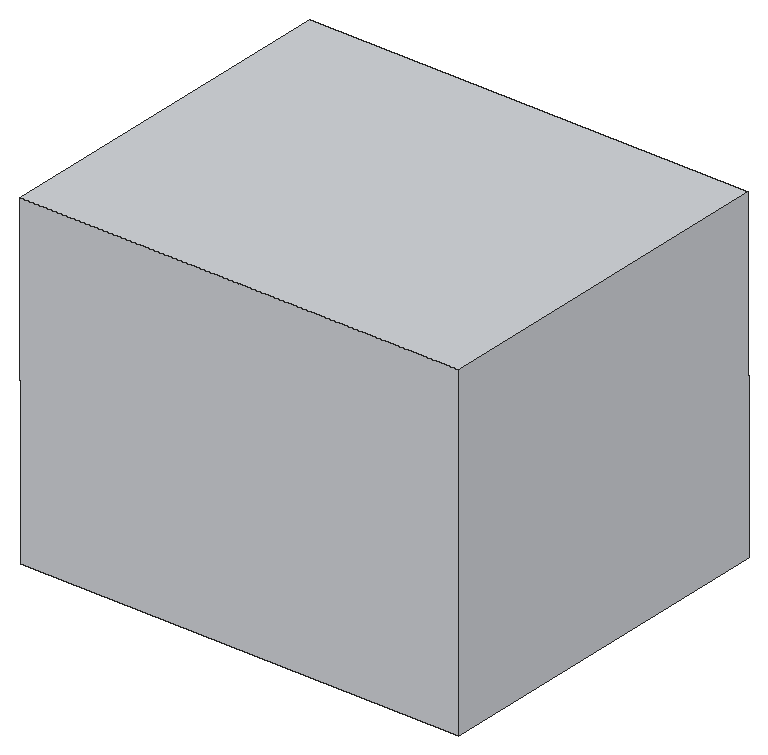
Revit family
Parameters
  Warranty Duration (Years) = 0
  Unit Width [instance] = 3' - 10"
  Unit Height [instance] = 0' - 0"
  Unit Depth = 0' - 0"
  URL = "http://www.americanspecialties.com/viewCategories.cfm"
  Trim Material = Metal - Stainless Steel
  Test Data = ""
  Specification = "http://www.arcat.com/sdspecs/htm/10810asi.htm"
  SpecWizard = ""
  Send Message = "http://www.arcat.com/users.pl?action=UserEmail&company=American%20Specialties,%20Inc.&coid=30448&rep=139&fax=914-476-0688&mf="
  Sales Information = "http://www.americanspecialties.com/contact"
  Revision = "R1_10-2010"
  Product Properties = "http://www.americanspecialties.com/datasheets/13071.pdf"
  Product Data = "http://www.arcat.com/arcatcos/cos30/arc30448.html"
  Model = "As Specified in 10 28 13"
  Manufacturer Website = "http://www.americanspecialties.com/viewCategories.cfm"
  Manufacturer Phone - Toll Free = ""
  Manufacturer Phone = "914-476-9000 "
  Manufacturer Fax = "914-476-0688"
  Manufacturer Address = "441 Saw Mill River Rd., Yonkers, NY 10701"
  Manufacturer = "American Specialties, Inc."
  Maintenance Schedule (Months) = 0
  Keynote = "10 28 13"
  Installation-Fabrication = "http://www.americanspecialties.com/products.cfm"
  HOOK [instance] = Unit Width / 0' 10"  # 5
  Green Building-LEED = ""
  Expected Lifespan (Years) = 0
  Drawn By = "Robert S. Weygant. CSI, CDT, SCIP"  # constant formula
  Description = "Toilet Accessory as Specified in 10 28 13"
  Default Elevation = 4' - 0"
  Copyright = "©Arcat Inc."
  Construction Details = "http://www.arcat.com/green/clients/leed_data_30448.html"
  Building Codes = "http://www.americanspecialties.com/products.cfm"
  Body Material = Metal - Stainless Steel
  Assembly Code = "C1030210"
Reference planes (in)
  plane 1 "Center (Front/Back)": y = -0.29112
  plane 2 "Floor Line": z = 0
  plane 3 "Center (Left/Right)": x = -0.65843
Forms (in)
  Extrusion 1, solid
    sketch origin (-3, -9, -6) x (0, 0, -1) y (1, 0, 0)
      loop
        line (-82, 70.90407) -> (-82, -30.68952) -> (-6, -30.68952) -> (-6, 70.90407) -> (-82, 70.90407)
    from 21.22862 to -62.75334
  Extrusion 2, solid, material "Metal - Stainless Steel" <- "Body Material"
    sketch origin (13.87847, 0, 0) x (0, 1, 0) y (0, 0, 1)
      loop
        line (1.70888, 0.5) -> (-2.29112, 0.5) -> (-2.29112, 0) -> (-2.22862, 0) -> (-2.22862, 0.4375) -> (1.64638, 0.4375) -> (1.64638, 0) -> (1.70888, 0) -> (1.70888, 0.5)
    from 31.4631 to -14.5369
  Extrusion 3, solid, material "Metal - Stainless Steel" <- "Body Material"
    sketch origin (-1.72093, -6.85117, 20.32125) x (0, -1, 0) y (0, 0, 1)
      loop
        line (-12.93505, -18.82102) -> (-11.32924, -18.82102) -> (-10.07896, -19.82125) -> (-5.08481, -19.82125)
        arc (-5.08481, -19.82125) -> (-3.99168, -19.48705) -> (-3.27232, -18.59873) r 1.95484
        arc (-3.27232, -18.59873) -> (-3.35658, -18.10216) -> (-3.64071, -17.6863) r 1.17688
        line (-3.64071, -17.6863) -> (-3.94, -17.63352)
        arc (-3.94, -17.63352) -> (-4.08481, -17.73492) -> (-3.98341, -17.87972) r 0.125
        line (-3.98341, -17.87972) -> (-3.7626, -17.91866)
        arc (-3.7626, -17.91866) -> (-3.58307, -18.20925) -> (-3.52099, -18.54513) r 0.92688
        arc (-3.52099, -18.54513) -> (-4.14966, -19.29166) -> (-5.08481, -19.57102) r 1.70484
        line (-5.08481, -19.57102) -> (-9.99154, -19.57102) -> (-11.24154, -18.57102) -> (-12.93505, -18.57102)
        arc (-12.93505, -18.57102) -> (-13.06005, -18.69602) -> (-12.93505, -18.82102) r 0.125
    from -3.625 to -4.5
  Extrusion 4, solid, material "Metal - Stainless Steel" <- "Trim Material"
    sketch origin (0, 0, 0) x (1, 0, 0) y (0, 1, 0)
      loop
        circle (-0.03343, -0.29112) r 0.21875
      loop
        circle (44.71657, -0.29112) r 0.21875
    from 0.51695 to 0.4375
  Extrusion 5, solid, material "Metal - Stainless Steel" <- "Trim Material"
    sketch origin (0, 0, 0) x (1, 0, 0) y (0, 1, 0)
      loop
        circle (14.95615, -0.29112) r 0.21875
      loop
        circle (29.72698, -0.29112) r 0.21875
    from 0.51695 to 0.4375
  Extrusion 6, solid, not visible
    sketch origin (0, 0, 0) x (1, 0, 0) y (0, 1, 0)
      loop
        circle (22.34157, -0.29112) r 0.21875
    from 0.4375 to 0.51695
  Extrusion 7, solid, material "Metal - Stainless Steel" <- "Trim Material"
    sketch origin (0, 0, 0) x (1, 0, 0) y (0, 1, 0)
      loop
        circle (2.34157, -0.57886) r 0.21875
      loop
        circle (2.34157, 1.42114) r 0.21875
    from 0.75022 to 0.5
  Extrusion 8, solid, material "Metal - Stainless Steel" <- "Body Material"
    sketch origin (8.27907, -6.85117, 20.32125) x (0, -1, 0) y (0, 0, 1)
      loop
        line (-12.93505, -18.82102) -> (-11.32924, -18.82102) -> (-10.07896, -19.82125) -> (-5.08481, -19.82125)
        arc (-5.08481, -19.82125) -> (-3.99168, -19.48705) -> (-3.27232, -18.59873) r 1.95484
        arc (-3.27232, -18.59873) -> (-3.35658, -18.10216) -> (-3.64071, -17.6863) r 1.17688
        line (-3.64071, -17.6863) -> (-3.94, -17.63352)
        arc (-3.94, -17.63352) -> (-4.08481, -17.73492) -> (-3.98341, -17.87972) r 0.125
        line (-3.98341, -17.87972) -> (-3.7626, -17.91866)
        arc (-3.7626, -17.91866) -> (-3.58307, -18.20925) -> (-3.52099, -18.54513) r 0.92688
        arc (-3.52099, -18.54513) -> (-4.14966, -19.29166) -> (-5.08481, -19.57102) r 1.70484
        line (-5.08481, -19.57102) -> (-9.99154, -19.57102) -> (-11.24154, -18.57102) -> (-12.93505, -18.57102)
        arc (-12.93505, -18.57102) -> (-13.06005, -18.69602) -> (-12.93505, -18.82102) r 0.125
    from -3.625 to -4.5
  Extrusion 9, solid, material "Metal - Stainless Steel" <- "Trim Material"
    sketch origin (10, 0, 0) x (1, 0, 0) y (0, 1, 0)
      loop
        circle (2.34157, -0.57886) r 0.21875
      loop
        circle (2.34157, 1.42114) r 0.21875
    from 0.75022 to 0.5
  Extrusion 10, solid, material "Metal - Stainless Steel" <- "Body Material"
    sketch origin (18.27907, -6.85117, 20.32125) x (0, -1, 0) y (0, 0, 1)
      loop
        line (-12.93505, -18.82102) -> (-11.32924, -18.82102) -> (-10.07896, -19.82125) -> (-5.08481, -19.82125)
        arc (-5.08481, -19.82125) -> (-3.99168, -19.48705) -> (-3.27232, -18.59873) r 1.95484
        arc (-3.27232, -18.59873) -> (-3.35658, -18.10216) -> (-3.64071, -17.6863) r 1.17688
        line (-3.64071, -17.6863) -> (-3.94, -17.63352)
        arc (-3.94, -17.63352) -> (-4.08481, -17.73492) -> (-3.98341, -17.87972) r 0.125
        line (-3.98341, -17.87972) -> (-3.7626, -17.91866)
        arc (-3.7626, -17.91866) -> (-3.58307, -18.20925) -> (-3.52099, -18.54513) r 0.92688
        arc (-3.52099, -18.54513) -> (-4.14966, -19.29166) -> (-5.08481, -19.57102) r 1.70484
        line (-5.08481, -19.57102) -> (-9.99154, -19.57102) -> (-11.24154, -18.57102) -> (-12.93505, -18.57102)
        arc (-12.93505, -18.57102) -> (-13.06005, -18.69602) -> (-12.93505, -18.82102) r 0.125
    from -3.625 to -4.5
  Extrusion 11, solid, material "Metal - Stainless Steel" <- "Trim Material"
    sketch origin (20, 0, 0) x (1, 0, 0) y (0, 1, 0)
      loop
        circle (2.34157, -0.57886) r 0.21875
      loop
        circle (2.34157, 1.42114) r 0.21875
    from 0.75022 to 0.5
  Extrusion 12, solid, material "Metal - Stainless Steel" <- "Body Material"
    sketch origin (28.27907, -6.85117, 20.32125) x (0, -1, 0) y (0, 0, 1)
      loop
        line (-12.93505, -18.82102) -> (-11.32924, -18.82102) -> (-10.07896, -19.82125) -> (-5.08481, -19.82125)
        arc (-5.08481, -19.82125) -> (-3.99168, -19.48705) -> (-3.27232, -18.59873) r 1.95484
        arc (-3.27232, -18.59873) -> (-3.35658, -18.10216) -> (-3.64071, -17.6863) r 1.17688
        line (-3.64071, -17.6863) -> (-3.94, -17.63352)
        arc (-3.94, -17.63352) -> (-4.08481, -17.73492) -> (-3.98341, -17.87972) r 0.125
        line (-3.98341, -17.87972) -> (-3.7626, -17.91866)
        arc (-3.7626, -17.91866) -> (-3.58307, -18.20925) -> (-3.52099, -18.54513) r 0.92688
        arc (-3.52099, -18.54513) -> (-4.14966, -19.29166) -> (-5.08481, -19.57102) r 1.70484
        line (-5.08481, -19.57102) -> (-9.99154, -19.57102) -> (-11.24154, -18.57102) -> (-12.93505, -18.57102)
        arc (-12.93505, -18.57102) -> (-13.06005, -18.69602) -> (-12.93505, -18.82102) r 0.125
    from -3.625 to -4.5
  Extrusion 13, solid, material "Metal - Stainless Steel" <- "Trim Material"
    sketch origin (30, 0, 0) x (1, 0, 0) y (0, 1, 0)
      loop
        circle (2.34157, -0.57886) r 0.21875
      loop
        circle (2.34157, 1.42114) r 0.21875
    from 0.75022 to 0.5
  Extrusion 14, solid, material "Metal - Stainless Steel" <- "Body Material"
    sketch origin (38.27907, -6.85117, 20.32125) x (0, -1, 0) y (0, 0, 1)
      loop
        line (-12.93505, -18.82102) -> (-11.32924, -18.82102) -> (-10.07896, -19.82125) -> (-5.08481, -19.82125)
        arc (-5.08481, -19.82125) -> (-3.99168, -19.48705) -> (-3.27232, -18.59873) r 1.95484
        arc (-3.27232, -18.59873) -> (-3.35658, -18.10216) -> (-3.64071, -17.6863) r 1.17688
        line (-3.64071, -17.6863) -> (-3.94, -17.63352)
        arc (-3.94, -17.63352) -> (-4.08481, -17.73492) -> (-3.98341, -17.87972) r 0.125
        line (-3.98341, -17.87972) -> (-3.7626, -17.91866)
        arc (-3.7626, -17.91866) -> (-3.58307, -18.20925) -> (-3.52099, -18.54513) r 0.92688
        arc (-3.52099, -18.54513) -> (-4.14966, -19.29166) -> (-5.08481, -19.57102) r 1.70484
        line (-5.08481, -19.57102) -> (-9.99154, -19.57102) -> (-11.24154, -18.57102) -> (-12.93505, -18.57102)
        arc (-12.93505, -18.57102) -> (-13.06005, -18.69602) -> (-12.93505, -18.82102) r 0.125
    from -3.625 to -4.5
  Extrusion 15, solid, material "Metal - Stainless Steel" <- "Trim Material"
    sketch origin (40, 0, 0) x (1, 0, 0) y (0, 1, 0)
      loop
        circle (2.34157, -0.57886) r 0.21875
      loop
        circle (2.34157, 1.42114) r 0.21875
    from 0.75022 to 0.5
Dimensions and locks (in)
  equal spacing: Extrusion 4, Extrusion 6 sketch curve, Extrusion 4
  "Unit Width": Extrusion 2 to Extrusion 2
  locked: Extrusion 2 to Extrusion 3 at 2.5625
  equal spacing: Extrusion 4, Extrusion 5 sketch curve, Extrusion 5 sketch curve, Extrusion 4
  locked: Extrusion 4 sketch curve to Extrusion 2 at 0.625
  locked: Extrusion 2 to Extrusion 4 sketch curve at 0.625
  equal spacing: group 1, group 2, group 3, group 4, group 5  (x3)
  aligned and locked: Extrusion 1 to level
  aligned and locked: Extrusion 2 to plane 3 "Center (Left/Right)"
  aligned and locked: Extrusion 3 to Extrusion 7  (x2)
  aligned and locked: Extrusion 8 to Extrusion 9  (x2)
  aligned and locked: Extrusion 10 to Extrusion 11  (x2)
  aligned and locked: Extrusion 12 to Extrusion 13  (x2)
  aligned and locked: Extrusion 14 to Extrusion 15  (x2)
Automatic sketch dimensions
  Extrusion 1 sketch curve to Extrusion 1 sketch curve = 6' - 4"
  Extrusion 1 sketch curve to Extrusion 1 sketch curve = 8' - 5.59358"
  Extrusion 2 sketch curve to level = 0' - 0"  (x2)
  level to Extrusion 2 sketch curve = 0' - 0 1/2"
  plane 1 "Center (Front/Back)" to Extrusion 2 sketch curve = 0' - 2"
  Extrusion 2 sketch curve to Extrusion 2 sketch curve = 0' - 0 1/16"  (x3)
  Extrusion 2 sketch curve to plane 1 "Center (Front/Back)" = 0' - 1 15/16"
  Extrusion 3 sketch curve to Extrusion 3 sketch curve = 0' - 0"  (x5)
  Extrusion 3 sketch curve to Extrusion 3 sketch curve = 0' - 1.60581"
  Extrusion 3 sketch curve to Extrusion 3 sketch curve = 0' - 0.0877"
  Extrusion 3 sketch curve to Extrusion 3 sketch curve = 0' - 1.25028"
  Extrusion 3 sketch curve to Extrusion 3 sketch curve = 0' - 0.08742"
  Extrusion 3 sketch curve to Extrusion 3 sketch curve = 0' - 0.63694"
  Extrusion 3 sketch curve to Extrusion 3 sketch curve = 0' - 0.46445"
  Extrusion 3 sketch curve to Extrusion 3 sketch curve = 0' - 0.02171"  (x2)
  Extrusion 3 sketch curve to Extrusion 3 sketch curve = 0' - 0.22082"
  Extrusion 3 sketch curve to Extrusion 3 sketch curve = 0' - 0.12189"
  Extrusion 3 sketch curve to Extrusion 3 sketch curve = 0' - 0.24161"
  Extrusion 3 sketch curve to Extrusion 3 sketch curve = 0' - 0.24867"
  Extrusion 3 sketch curve to Extrusion 3 sketch curve = 0' - 0 1/8"
  Extrusion 3 sketch curve to Extrusion 3 sketch curve = 0' - 0.0536"
  Extrusion 3 sketch curve to Extrusion 3 sketch curve = 0' - 0.00236"
  Extrusion 3 sketch curve to Extrusion 3 sketch curve = 0' - 0.03894"
  Extrusion 3 sketch curve to Extrusion 3 sketch curve = 0' - 0.1231"
  Extrusion 4 sketch curve to plane 1 "Center (Front/Back)" = 0' - 0"  (x2)
  Extrusion 5 sketch curve to plane 1 "Center (Front/Back)" = 0' - 0"  (x2)
  Extrusion 6 sketch curve to plane 1 "Center (Front/Back)" = 0' - 0"
  Extrusion 7 sketch curve to Extrusion 7 sketch curve = 0' - 0"
  Extrusion 3 sketch curve to Extrusion 3 sketch curve = 0' - 4.90674"
  Extrusion 3 sketch curve to Extrusion 3 sketch curve = 0' - 0.25022"
  Extrusion 3 sketch curve to Extrusion 3 sketch curve = 0' - 0 3/4"
  Extrusion 3 sketch curve to Extrusion 3 sketch curve = 0' - 0.97229"
  Extrusion 7 sketch curve to Extrusion 7 sketch curve = 0' - 2"
  Extrusion 8 sketch curve to Extrusion 8 sketch curve = 0' - 0"  (x5)
  Extrusion 8 sketch curve to Extrusion 8 sketch curve = 0' - 1.60581"
  Extrusion 8 sketch curve to Extrusion 8 sketch curve = 0' - 0.0877"
  Extrusion 8 sketch curve to Extrusion 8 sketch curve = 0' - 1.25028"
  Extrusion 8 sketch curve to Extrusion 8 sketch curve = 0' - 0.08742"
  Extrusion 8 sketch curve to Extrusion 8 sketch curve = 0' - 0.63694"
  Extrusion 8 sketch curve to Extrusion 8 sketch curve = 0' - 0.46445"
  Extrusion 8 sketch curve to Extrusion 8 sketch curve = 0' - 0.02171"  (x2)
  Extrusion 8 sketch curve to Extrusion 8 sketch curve = 0' - 0.22082"
  Extrusion 8 sketch curve to Extrusion 8 sketch curve = 0' - 0.12189"
  Extrusion 8 sketch curve to Extrusion 8 sketch curve = 0' - 0.24161"
  Extrusion 8 sketch curve to Extrusion 8 sketch curve = 0' - 0.24867"
  Extrusion 8 sketch curve to Extrusion 8 sketch curve = 0' - 0 1/8"
  Extrusion 8 sketch curve to Extrusion 8 sketch curve = 0' - 0.0536"
  Extrusion 8 sketch curve to Extrusion 8 sketch curve = 0' - 0.00236"
  Extrusion 8 sketch curve to Extrusion 8 sketch curve = 0' - 0.03894"
  Extrusion 8 sketch curve to Extrusion 8 sketch curve = 0' - 0.1231"
  Extrusion 9 sketch curve to Extrusion 9 sketch curve = 0' - 0"
  Extrusion 8 sketch curve to Extrusion 8 sketch curve = 0' - 4.90674"
  Extrusion 8 sketch curve to Extrusion 8 sketch curve = 0' - 0.25022"
  Extrusion 8 sketch curve to Extrusion 8 sketch curve = 0' - 0 3/4"
  Extrusion 8 sketch curve to Extrusion 8 sketch curve = 0' - 0.97229"
  Extrusion 9 sketch curve to Extrusion 9 sketch curve = 0' - 2"
  Extrusion 10 sketch curve to Extrusion 10 sketch curve = 0' - 0"  (x5)
  Extrusion 10 sketch curve to Extrusion 10 sketch curve = 0' - 1.60581"
  Extrusion 10 sketch curve to Extrusion 10 sketch curve = 0' - 0.0877"
  Extrusion 10 sketch curve to Extrusion 10 sketch curve = 0' - 1.25028"
  Extrusion 10 sketch curve to Extrusion 10 sketch curve = 0' - 0.08742"
  Extrusion 10 sketch curve to Extrusion 10 sketch curve = 0' - 0.63694"
  Extrusion 10 sketch curve to Extrusion 10 sketch curve = 0' - 0.46445"
  Extrusion 10 sketch curve to Extrusion 10 sketch curve = 0' - 0.02171"  (x2)
  Extrusion 10 sketch curve to Extrusion 10 sketch curve = 0' - 0.22082"
  Extrusion 10 sketch curve to Extrusion 10 sketch curve = 0' - 0.12189"
  Extrusion 10 sketch curve to Extrusion 10 sketch curve = 0' - 0.24161"
  Extrusion 10 sketch curve to Extrusion 10 sketch curve = 0' - 0.24867"
  Extrusion 10 sketch curve to Extrusion 10 sketch curve = 0' - 0 1/8"
  Extrusion 10 sketch curve to Extrusion 10 sketch curve = 0' - 0.0536"
  Extrusion 10 sketch curve to Extrusion 10 sketch curve = 0' - 0.00236"
  Extrusion 10 sketch curve to Extrusion 10 sketch curve = 0' - 0.03894"
  Extrusion 10 sketch curve to Extrusion 10 sketch curve = 0' - 0.1231"
  Extrusion 11 sketch curve to Extrusion 11 sketch curve = 0' - 0"
  Extrusion 10 sketch curve to Extrusion 10 sketch curve = 0' - 4.90674"
  Extrusion 10 sketch curve to Extrusion 10 sketch curve = 0' - 0.25022"
  Extrusion 10 sketch curve to Extrusion 10 sketch curve = 0' - 0 3/4"
  Extrusion 10 sketch curve to Extrusion 10 sketch curve = 0' - 0.97229"
  Extrusion 11 sketch curve to Extrusion 11 sketch curve = 0' - 2"
  Extrusion 12 sketch curve to Extrusion 12 sketch curve = 0' - 0"  (x5)
  Extrusion 12 sketch curve to Extrusion 12 sketch curve = 0' - 1.60581"
  Extrusion 12 sketch curve to Extrusion 12 sketch curve = 0' - 0.0877"
  Extrusion 12 sketch curve to Extrusion 12 sketch curve = 0' - 1.25028"
  Extrusion 12 sketch curve to Extrusion 12 sketch curve = 0' - 0.08742"
  Extrusion 12 sketch curve to Extrusion 12 sketch curve = 0' - 0.63694"
  Extrusion 12 sketch curve to Extrusion 12 sketch curve = 0' - 0.46445"
  Extrusion 12 sketch curve to Extrusion 12 sketch curve = 0' - 0.02171"  (x2)
  Extrusion 12 sketch curve to Extrusion 12 sketch curve = 0' - 0.22082"
  Extrusion 12 sketch curve to Extrusion 12 sketch curve = 0' - 0.12189"
  Extrusion 12 sketch curve to Extrusion 12 sketch curve = 0' - 0.24161"
  Extrusion 12 sketch curve to Extrusion 12 sketch curve = 0' - 0.24867"
  Extrusion 12 sketch curve to Extrusion 12 sketch curve = 0' - 0 1/8"
  Extrusion 12 sketch curve to Extrusion 12 sketch curve = 0' - 0.0536"
  Extrusion 12 sketch curve to Extrusion 12 sketch curve = 0' - 0.00236"
  Extrusion 12 sketch curve to Extrusion 12 sketch curve = 0' - 0.03894"
  Extrusion 12 sketch curve to Extrusion 12 sketch curve = 0' - 0.1231"
  Extrusion 13 sketch curve to Extrusion 13 sketch curve = 0' - 0"
  Extrusion 12 sketch curve to Extrusion 12 sketch curve = 0' - 4.90674"
  Extrusion 12 sketch curve to Extrusion 12 sketch curve = 0' - 0.25022"
  Extrusion 12 sketch curve to Extrusion 12 sketch curve = 0' - 0 3/4"
  Extrusion 12 sketch curve to Extrusion 12 sketch curve = 0' - 0.97229"
  Extrusion 13 sketch curve to Extrusion 13 sketch curve = 0' - 2"
  Extrusion 14 sketch curve to Extrusion 14 sketch curve = 0' - 0"  (x5)
  Extrusion 14 sketch curve to Extrusion 14 sketch curve = 0' - 1.60581"
  Extrusion 14 sketch curve to Extrusion 14 sketch curve = 0' - 0.0877"
  Extrusion 14 sketch curve to Extrusion 14 sketch curve = 0' - 1.25028"
  Extrusion 14 sketch curve to Extrusion 14 sketch curve = 0' - 0.08742"
  Extrusion 14 sketch curve to Extrusion 14 sketch curve = 0' - 0.63694"
  Extrusion 14 sketch curve to Extrusion 14 sketch curve = 0' - 0.46445"
  Extrusion 14 sketch curve to Extrusion 14 sketch curve = 0' - 0.02171"  (x2)
  Extrusion 14 sketch curve to Extrusion 14 sketch curve = 0' - 0.22082"
  Extrusion 14 sketch curve to Extrusion 14 sketch curve = 0' - 0.12189"
  Extrusion 14 sketch curve to Extrusion 14 sketch curve = 0' - 0.24161"
  Extrusion 14 sketch curve to Extrusion 14 sketch curve = 0' - 0.24867"
  Extrusion 14 sketch curve to Extrusion 14 sketch curve = 0' - 0 1/8"
  Extrusion 14 sketch curve to Extrusion 14 sketch curve = 0' - 0.0536"
  Extrusion 14 sketch curve to Extrusion 14 sketch curve = 0' - 0.00236"
  Extrusion 14 sketch curve to Extrusion 14 sketch curve = 0' - 0.03894"
  Extrusion 14 sketch curve to Extrusion 14 sketch curve = 0' - 0.1231"
  Extrusion 15 sketch curve to Extrusion 15 sketch curve = 0' - 0"
  Extrusion 14 sketch curve to Extrusion 14 sketch curve = 0' - 4.90674"
  Extrusion 14 sketch curve to Extrusion 14 sketch curve = 0' - 0.25022"
  Extrusion 14 sketch curve to Extrusion 14 sketch curve = 0' - 0 3/4"
  Extrusion 14 sketch curve to Extrusion 14 sketch curve = 0' - 0.97229"
  Extrusion 15 sketch curve to Extrusion 15 sketch curve = 0' - 2"
  radius of Extrusion 4 sketch curve = 0' - 0 7/32"  (x2)
  radius of Extrusion 5 sketch curve = 0' - 0 7/32"  (x2)
  radius of Extrusion 6 sketch curve = 0' - 0 7/32"
  radius of Extrusion 7 sketch curve = 0' - 0 7/32"  (x2)
  radius of Extrusion 9 sketch curve = 0' - 0 7/32"  (x2)
  radius of Extrusion 11 sketch curve = 0' - 0 7/32"  (x2)
  radius of Extrusion 13 sketch curve = 0' - 0 7/32"  (x2)
  radius of Extrusion 15 sketch curve = 0' - 0 7/32"  (x2)
